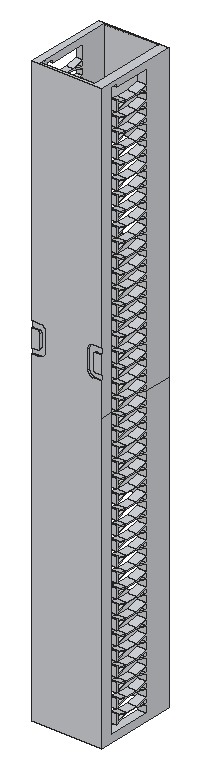
Revit family
Parameters
  Material ID = "760072884\r\n"
  Description = "Vertical Cable Management Kit, 10in X 84in (254mm X 2134mm) Single Sided, With Door, Silver"
Reference planes (in)
  plane 1 "Center (Front/Back)": y = 0
  plane 2: z = 0
  plane 3 "Center (Left/Right)": x = 0
Forms (in)
  Extrusion 1, void, not visible
    sketch origin (0, 0, 0) x (1, 0, 0) y (0, 0, 1)
      loop
        line (-7.85662, 0.48089) -> (-7.85662, -0.39002) -> (-7.67285, -0.39002) -> (-7.67285, -0.64002) -> (-7.0736, -0.64002) -> (-7.0736, -0.39002) -> (-6.92978, -0.39002) -> (-6.92978, 0.48089) -> (-7.85662, 0.48089)
    from -3.79215 to 12
  Extrusion 2, void, not visible
    sketch origin (0, 0, 0) x (1, 0, 0) y (0, 0, 1)
      loop
        line (-8.21397, 0.42583) -> (-8.21397, -0.07417) -> (-8.08657, -0.07417) -> (-8.08657, -0.27417) -> (-7.83657, -0.27417) -> (-7.83657, -0.07417) -> (-7.72497, -0.07417) -> (-7.72497, 0.42583) -> (-8.21397, 0.42583)
    from 0.74059 to 3.34334
  Extrusion 3, solid
    sketch origin (0, 0, 0) x (1, 0, 0) y (0, 0, 1)
      loop
        line (7, 42) -> (-3, 42) -> (-3, -42) -> (7, -42) -> (7, 0) -> (7, 42)
    from 11.281 to -0.549
  Extrusion 4, void
    sketch origin (0, 0, 0) x (1, 0, 0) y (0, 0, 1)
      loop
        line (-3, 9.00056) -> (-3, 8.06684) -> (-2.1, 8.06684)
        arc (-2.1, 8.06684) -> (-1.88787, 7.97898) -> (-1.8, 7.76684) r 0.3
        line (-1.8, 7.76684) -> (-1.8, 5.85056)
        arc (-1.8, 5.85056) -> (-1.88787, 5.63843) -> (-2.1, 5.55056) r 0.3
        line (-2.1, 5.55056) -> (-3, 5.55056) -> (-3, 4.75056) -> (-1.8, 4.75056)
        arc (-1.8, 4.75056) -> (-1.23431, 4.98488) -> (-1, 5.55056) r 0.8
        line (-1, 5.55056) -> (-1, 8.20056)
        arc (-1, 8.20056) -> (-1.23431, 8.76625) -> (-1.8, 9.00056) r 0.8
        line (-1.8, 9.00056) -> (-3, 9.00056)
      loop
        line (7, 9.00056) -> (5.8, 9.00056)
        arc (5.8, 9.00056) -> (5.23431, 8.76625) -> (5, 8.20056) r 0.8
        line (5, 8.20056) -> (5, 5.55056)
        arc (5, 5.55056) -> (5.23431, 4.98488) -> (5.8, 4.75056) r 0.8
        line (5.8, 4.75056) -> (7, 4.75056) -> (7, 5.55056) -> (6.1, 5.55056)
        arc (6.1, 5.55056) -> (5.88787, 5.63843) -> (5.8, 5.85056) r 0.3
        line (5.8, 5.85056) -> (5.8, 7.76684)
        arc (5.8, 7.76684) -> (5.88787, 7.97898) -> (6.1, 8.06684) r 0.3
        line (6.1, 8.06684) -> (7, 8.06684) -> (7, 9.00056)
    from 11.08569 to 11.281
  Extrusion 5, void
    sketch origin (0, 0, 0) x (1, 0, 0) y (0, 1, 0)
      loop
        line (5.70983, 0.3385) -> (-2.04017, 0.3385) -> (-2.04017, -10.9115) -> (5.70983, -10.9115) -> (5.70983, 0.3385)
    from -57.1272 to 54.97812
  Extrusion 6, void
    sketch origin (0, 0, 0) x (0, 1, 0) y (0, 0, 1)
      loop
        line (-3.37841, 39.06909) -> (-3.37841, 41.06909) -> (-8.50915, 41.06909) -> (-8.50915, 39.06909) -> (-6.81878, 38.61615) -> (-5.06878, 38.61615) -> (-3.37841, 39.06909)
      loop
        line (-3.37841, 38.06909) -> (-5.06878, 38.52202) -> (-6.81878, 38.52202) -> (-8.50915, 38.06909) -> (-8.50915, 37.81909) -> (-8.50915, 37.06909) -> (-6.81878, 36.61615) -> (-5.06878, 36.61615) -> (-3.37841, 37.06909) -> (-3.37841, 37.81909) -> (-3.37841, 38.06909)
      loop
        line (-3.37841, 39.00985) -> (-4.9864, 38.57899) -> (-3.37841, 38.14813) -> (-3.37841, 39.00985)
      loop
        line (-8.50915, 39.00985) -> (-8.50915, 38.14813) -> (-6.90115, 38.57899) -> (-8.50915, 39.00985)
      loop
        line (-3.37841, 36.06909) -> (-5.06878, 36.52202) -> (-6.81878, 36.52202) -> (-8.50915, 36.06909) -> (-8.50915, 35.06909) -> (-6.81878, 34.61615) -> (-5.06878, 34.61615) -> (-3.37841, 35.06909) -> (-3.37841, 36.06909)
      loop
        line (-3.37841, 37.00985) -> (-4.9864, 36.57899) -> (-3.37841, 36.14813) -> (-3.37841, 37.00985)
      loop
        line (-8.50915, 37.00985) -> (-8.50915, 36.14813) -> (-6.90115, 36.57899) -> (-8.50915, 37.00985)
      loop
        line (-3.37841, 34.06909) -> (-5.06878, 34.52202) -> (-6.81878, 34.52202) -> (-8.50915, 34.06909) -> (-8.50915, 33.06909) -> (-6.81878, 32.61615) -> (-5.06878, 32.61615) -> (-3.37841, 33.06909) -> (-3.37841, 34.06909)
      loop
        line (-3.37841, 35.00985) -> (-4.9864, 34.57899) -> (-3.37841, 34.14813) -> (-3.37841, 35.00985)
      loop
        line (-8.50915, 35.00985) -> (-8.50915, 34.14813) -> (-6.90115, 34.57899) -> (-8.50915, 35.00985)
      loop
        line (-3.37841, 32.06909) -> (-5.06878, 32.52202) -> (-6.81878, 32.52202) -> (-8.50915, 32.06909) -> (-8.50915, 31.06909) -> (-6.81878, 30.61615) -> (-5.06878, 30.61615) -> (-3.37841, 31.06909) -> (-3.37841, 32.06909)
      loop
        line (-3.37841, 33.00985) -> (-4.9864, 32.57899) -> (-3.37841, 32.14813) -> (-3.37841, 33.00985)
      loop
        line (-8.50915, 33.00985) -> (-8.50915, 32.14813) -> (-6.90115, 32.57899) -> (-8.50915, 33.00985)
      loop
        line (-3.37841, 30.06909) -> (-5.06878, 30.52202) -> (-6.81878, 30.52202) -> (-8.50915, 30.06909) -> (-8.50915, 29.06909) -> (-6.81878, 28.61615) -> (-5.06878, 28.61615) -> (-3.37841, 29.06909) -> (-3.37841, 30.06909)
      loop
        line (-3.37841, 31.00985) -> (-4.9864, 30.57899) -> (-3.37841, 30.14813) -> (-3.37841, 31.00985)
      loop
        line (-8.50915, 31.00985) -> (-8.50915, 30.14813) -> (-6.90115, 30.57899) -> (-8.50915, 31.00985)
      loop
        line (-3.37841, 28.06909) -> (-5.06878, 28.52202) -> (-6.81878, 28.52202) -> (-8.50915, 28.06909) -> (-8.50915, 27.06909) -> (-6.81878, 26.61615) -> (-5.06878, 26.61615) -> (-3.37841, 27.06909) -> (-3.37841, 28.06909)
      loop
        line (-3.37841, 29.00985) -> (-4.9864, 28.57899) -> (-3.37841, 28.14813) -> (-3.37841, 29.00985)
      loop
        line (-8.50915, 29.00985) -> (-8.50915, 28.14813) -> (-6.90115, 28.57899) -> (-8.50915, 29.00985)
      loop
        line (-3.37841, 26.06909) -> (-5.06878, 26.52202) -> (-6.81878, 26.52202) -> (-8.50915, 26.06909) -> (-8.50915, 25.06909) -> (-6.81878, 24.61615) -> (-5.06878, 24.61615) -> (-3.37841, 25.06909) -> (-3.37841, 26.06909)
      loop
        line (-3.37841, 27.00985) -> (-4.9864, 26.57899) -> (-3.37841, 26.14813) -> (-3.37841, 27.00985)
      loop
        line (-8.50915, 27.00985) -> (-8.50915, 26.14813) -> (-6.90115, 26.57899) -> (-8.50915, 27.00985)
      loop
        line (-3.37841, 24.06909) -> (-5.06878, 24.52202) -> (-6.81878, 24.52202) -> (-8.50915, 24.06909) -> (-8.50915, 23.06909) -> (-6.81878, 22.61615) -> (-5.06878, 22.61615) -> (-3.37841, 23.06909) -> (-3.37841, 24.06909)
      loop
        line (-3.37841, 25.00985) -> (-4.9864, 24.57899) -> (-3.37841, 24.14813) -> (-3.37841, 25.00985)
      loop
        line (-8.50915, 25.00985) -> (-8.50915, 24.14813) -> (-6.90115, 24.57899) -> (-8.50915, 25.00985)
      loop
        line (-3.37841, 22.06909) -> (-5.06878, 22.52202) -> (-6.81878, 22.52202) -> (-8.50915, 22.06909) -> (-8.50915, 21.06909) -> (-6.81878, 20.61615) -> (-5.06878, 20.61615) -> (-3.37841, 21.06909) -> (-3.37841, 22.06909)
      loop
        line (-3.37841, 23.00985) -> (-4.9864, 22.57899) -> (-3.37841, 22.14813) -> (-3.37841, 23.00985)
      loop
        line (-8.50915, 23.00985) -> (-8.50915, 22.14813) -> (-6.90115, 22.57899) -> (-8.50915, 23.00985)
      loop
        line (-3.37841, 20.06909) -> (-5.06878, 20.52202) -> (-6.81878, 20.52202) -> (-8.50915, 20.06909) -> (-8.50915, 19.06909) -> (-6.81878, 18.61615) -> (-5.06878, 18.61615) -> (-3.37841, 19.06909) -> (-3.37841, 20.06909)
      loop
        line (-3.37841, 21.00985) -> (-4.9864, 20.57899) -> (-3.37841, 20.14813) -> (-3.37841, 21.00985)
      loop
        line (-8.50915, 21.00985) -> (-8.50915, 20.14813) -> (-6.90115, 20.57899) -> (-8.50915, 21.00985)
      loop
        line (-3.37841, 18.06909) -> (-5.06878, 18.52202) -> (-6.81878, 18.52202) -> (-8.50915, 18.06909) -> (-8.50915, 17.06909) -> (-6.81878, 16.61615) -> (-5.06878, 16.61615) -> (-3.37841, 17.06909) -> (-3.37841, 18.06909)
      loop
        line (-3.37841, 19.00985) -> (-4.9864, 18.57899) -> (-3.37841, 18.14813) -> (-3.37841, 19.00985)
      loop
        line (-8.50915, 19.00985) -> (-8.50915, 18.14813) -> (-6.90115, 18.57899) -> (-8.50915, 19.00985)
      loop
        line (-3.37841, 16.06909) -> (-5.06878, 16.52202) -> (-6.81878, 16.52202) -> (-8.50915, 16.06909) -> (-8.50915, 15.06909) -> (-6.81878, 14.61615) -> (-5.06878, 14.61615) -> (-3.37841, 15.06909) -> (-3.37841, 16.06909)
      loop
        line (-3.37841, 17.00985) -> (-4.9864, 16.57899) -> (-3.37841, 16.14813) -> (-3.37841, 17.00985)
      loop
        line (-8.50915, 17.00985) -> (-8.50915, 16.14813) -> (-6.90115, 16.57899) -> (-8.50915, 17.00985)
      loop
        line (-3.37841, 14.06909) -> (-5.06878, 14.52202) -> (-6.81878, 14.52202) -> (-8.50915, 14.06909) -> (-8.50915, 13.06909) -> (-6.81878, 12.61615) -> (-5.06878, 12.61615) -> (-3.37841, 13.06909) -> (-3.37841, 14.06909)
      loop
        line (-3.37841, 15.00985) -> (-4.9864, 14.57899) -> (-3.37841, 14.14813) -> (-3.37841, 15.00985)
      loop
        line (-8.50915, 15.00985) -> (-8.50915, 14.14813) -> (-6.90115, 14.57899) -> (-8.50915, 15.00985)
      loop
        line (-3.37841, 12.06909) -> (-5.06878, 12.52202) -> (-6.81878, 12.52202) -> (-8.50915, 12.06909) -> (-8.50915, 11.06909) -> (-6.81878, 10.61615) -> (-5.06878, 10.61615) -> (-3.37841, 11.06909) -> (-3.37841, 12.06909)
      loop
        line (-3.37841, 13.00985) -> (-4.9864, 12.57899) -> (-3.37841, 12.14813) -> (-3.37841, 13.00985)
      loop
        line (-8.50915, 13.00985) -> (-8.50915, 12.14813) -> (-6.90115, 12.57899) -> (-8.50915, 13.00985)
      loop
        line (-3.37841, 10.06909) -> (-5.06878, 10.52202) -> (-6.81878, 10.52202) -> (-8.50915, 10.06909) -> (-8.50915, 9.06909) -> (-6.81878, 8.61615) -> (-5.06878, 8.61615) -> (-3.37841, 9.06909) -> (-3.37841, 10.06909)
      loop
        line (-3.37841, 11.00985) -> (-4.9864, 10.57899) -> (-3.37841, 10.14813) -> (-3.37841, 11.00985)
      loop
        line (-8.50915, 11.00985) -> (-8.50915, 10.14813) -> (-6.90115, 10.57899) -> (-8.50915, 11.00985)
      loop
        line (-3.37841, 8.06909) -> (-5.06878, 8.52202) -> (-6.81878, 8.52202) -> (-8.50915, 8.06909) -> (-8.50915, 7.06909) -> (-6.81878, 6.61615) -> (-5.06878, 6.61615) -> (-3.37841, 7.06909) -> (-3.37841, 8.06909)
      loop
        line (-3.37841, 9.00985) -> (-4.9864, 8.57899) -> (-3.37841, 8.14813) -> (-3.37841, 9.00985)
      loop
        line (-8.50915, 9.00985) -> (-8.50915, 8.14813) -> (-6.90115, 8.57899) -> (-8.50915, 9.00985)
      loop
        line (-3.37841, 6.06909) -> (-5.06878, 6.52202) -> (-6.81878, 6.52202) -> (-8.50915, 6.06909) -> (-8.50915, 5.06909) -> (-6.81878, 4.61615) -> (-5.06878, 4.61615) -> (-3.37841, 5.06909) -> (-3.37841, 6.06909)
      loop
        line (-3.37841, 7.00985) -> (-4.9864, 6.57899) -> (-3.37841, 6.14813) -> (-3.37841, 7.00985)
      loop
        line (-8.50915, 7.00985) -> (-8.50915, 6.14813) -> (-6.90115, 6.57899) -> (-8.50915, 7.00985)
      loop
        line (-3.37841, 4.06909) -> (-5.06878, 4.52202) -> (-6.81878, 4.52202) -> (-8.50915, 4.06909) -> (-8.50915, 3.06909) -> (-6.81878, 2.61615) -> (-5.06878, 2.61615) -> (-3.37841, 3.06909) -> (-3.37841, 4.06909)
      loop
        line (-3.37841, 5.00985) -> (-4.9864, 4.57899) -> (-3.37841, 4.14813) -> (-3.37841, 5.00985)
      loop
        line (-8.50915, 5.00985) -> (-8.50915, 4.14813) -> (-6.90115, 4.57899) -> (-8.50915, 5.00985)
      loop
        line (-3.37841, 2.06909) -> (-5.06878, 2.52202) -> (-6.81878, 2.52202) -> (-8.50915, 2.06909) -> (-8.50915, 1.06909) -> (-6.81878, 0.61615) -> (-5.06878, 0.61615) -> (-3.37841, 1.06909) -> (-3.37841, 2.06909)
      loop
        line (-3.37841, 3.00985) -> (-4.9864, 2.57899) -> (-3.37841, 2.14813) -> (-3.37841, 3.00985)
      loop
        line (-8.50915, 3.00985) -> (-8.50915, 2.14813) -> (-6.90115, 2.57899) -> (-8.50915, 3.00985)
      loop
        line (-3.37841, 0.06909) -> (-5.06878, 0.52202) -> (-6.81878, 0.52202) -> (-8.50915, 0.06909) -> (-8.50915, -0.93091) -> (-6.81878, -1.38385) -> (-5.06878, -1.38385) -> (-3.37841, -0.93091) -> (-3.37841, 0.06909)
      loop
        line (-3.37841, 1.00985) -> (-4.9864, 0.57899) -> (-3.37841, 0.14813) -> (-3.37841, 1.00985)
      loop
        line (-8.50915, 1.00985) -> (-8.50915, 0.14813) -> (-6.90115, 0.57899) -> (-8.50915, 1.00985)
      loop
        line (-3.37841, -1.93091) -> (-5.06878, -1.47798) -> (-6.81878, -1.47798) -> (-8.50915, -1.93091) -> (-8.50915, -2.93091) -> (-6.81878, -3.38385) -> (-5.06878, -3.38385) -> (-3.37841, -2.93091) -> (-3.37841, -1.93091)
      loop
        line (-3.37841, -0.99015) -> (-4.9864, -1.42101) -> (-3.37841, -1.85187) -> (-3.37841, -0.99015)
      loop
        line (-8.50915, -0.99015) -> (-8.50915, -1.85187) -> (-6.90115, -1.42101) -> (-8.50915, -0.99015)
      loop
        line (-3.37841, -3.93091) -> (-5.06878, -3.47798) -> (-6.81878, -3.47798) -> (-8.50915, -3.93091) -> (-8.50915, -4.93091) -> (-6.81878, -5.38385) -> (-5.06878, -5.38385) -> (-3.37841, -4.93091) -> (-3.37841, -3.93091)
      loop
        line (-3.37841, -2.99015) -> (-4.9864, -3.42101) -> (-3.37841, -3.85187) -> (-3.37841, -2.99015)
      loop
        line (-8.50915, -2.99015) -> (-8.50915, -3.85187) -> (-6.90115, -3.42101) -> (-8.50915, -2.99015)
      loop
        line (-3.37841, -5.93091) -> (-5.06878, -5.47798) -> (-6.81878, -5.47798) -> (-8.50915, -5.93091) -> (-8.50915, -6.93091) -> (-6.81878, -7.38385) -> (-5.06878, -7.38385) -> (-3.37841, -6.93091) -> (-3.37841, -5.93091)
      loop
        line (-3.37841, -4.99015) -> (-4.9864, -5.42101) -> (-3.37841, -5.85187) -> (-3.37841, -4.99015)
      loop
        line (-8.50915, -4.99015) -> (-8.50915, -5.85187) -> (-6.90115, -5.42101) -> (-8.50915, -4.99015)
      loop
        line (-3.37841, -7.93091) -> (-5.06878, -7.47798) -> (-6.81878, -7.47798) -> (-8.50915, -7.93091) -> (-8.50915, -8.93091) -> (-6.81878, -9.38385) -> (-5.06878, -9.38385) -> (-3.37841, -8.93091) -> (-3.37841, -7.93091)
      loop
        line (-3.37841, -6.99015) -> (-4.9864, -7.42101) -> (-3.37841, -7.85187) -> (-3.37841, -6.99015)
      loop
        line (-8.50915, -6.99015) -> (-8.50915, -7.85187) -> (-6.90115, -7.42101) -> (-8.50915, -6.99015)
      loop
        line (-3.37841, -9.93091) -> (-5.06878, -9.47798) -> (-6.81878, -9.47798) -> (-8.50915, -9.93091) -> (-8.50915, -10.93091) -> (-6.81878, -11.38385) -> (-5.06878, -11.38385) -> (-3.37841, -10.93091) -> (-3.37841, -9.93091)
      loop
        line (-3.37841, -8.99015) -> (-4.9864, -9.42101) -> (-3.37841, -9.85187) -> (-3.37841, -8.99015)
      loop
        line (-8.50915, -8.99015) -> (-8.50915, -9.85187) -> (-6.90115, -9.42101) -> (-8.50915, -8.99015)
      loop
        line (-3.37841, -11.93091) -> (-5.06878, -11.47798) -> (-6.81878, -11.47798) -> (-8.50915, -11.93091) -> (-8.50915, -12.93091) -> (-6.81878, -13.38385) -> (-5.06878, -13.38385) -> (-3.37841, -12.93091) -> (-3.37841, -11.93091)
      loop
        line (-3.37841, -10.99015) -> (-4.9864, -11.42101) -> (-3.37841, -11.85187) -> (-3.37841, -10.99015)
      loop
        line (-8.50915, -10.99015) -> (-8.50915, -11.85187) -> (-6.90115, -11.42101) -> (-8.50915, -10.99015)
      loop
        line (-3.37841, -13.93091) -> (-5.06878, -13.47798) -> (-6.81878, -13.47798) -> (-8.50915, -13.93091) -> (-8.50915, -14.93091) -> (-6.81878, -15.38385) -> (-5.06878, -15.38385) -> (-3.37841, -14.93091) -> (-3.37841, -13.93091)
      loop
        line (-3.37841, -12.99015) -> (-4.9864, -13.42101) -> (-3.37841, -13.85187) -> (-3.37841, -12.99015)
      loop
        line (-8.50915, -12.99015) -> (-8.50915, -13.85187) -> (-6.90115, -13.42101) -> (-8.50915, -12.99015)
      loop
        line (-3.37841, -15.93091) -> (-5.06878, -15.47798) -> (-6.81878, -15.47798) -> (-8.50915, -15.93091) -> (-8.50915, -16.93091) -> (-6.81878, -17.38385) -> (-5.06878, -17.38385) -> (-3.37841, -16.93091) -> (-3.37841, -15.93091)
      loop
        line (-3.37841, -14.99015) -> (-4.9864, -15.42101) -> (-3.37841, -15.85187) -> (-3.37841, -14.99015)
      loop
        line (-8.50915, -14.99015) -> (-8.50915, -15.85187) -> (-6.90115, -15.42101) -> (-8.50915, -14.99015)
      loop
        line (-3.37841, -17.93091) -> (-5.06878, -17.47798) -> (-6.81878, -17.47798) -> (-8.50915, -17.93091) -> (-8.50915, -18.93091) -> (-6.81878, -19.38385) -> (-5.06878, -19.38385) -> (-3.37841, -18.93091) -> (-3.37841, -17.93091)
      loop
        line (-3.37841, -16.99015) -> (-4.9864, -17.42101) -> (-3.37841, -17.85187) -> (-3.37841, -16.99015)
      loop
        line (-8.50915, -16.99015) -> (-8.50915, -17.85187) -> (-6.90115, -17.42101) -> (-8.50915, -16.99015)
      loop
        line (-3.37841, -19.93091) -> (-5.06878, -19.47798) -> (-6.81878, -19.47798) -> (-8.50915, -19.93091) -> (-8.50915, -20.93091) -> (-6.81878, -21.38385) -> (-5.06878, -21.38385) -> (-3.37841, -20.93091) -> (-3.37841, -19.93091)
      loop
        line (-3.37841, -18.99015) -> (-4.9864, -19.42101) -> (-3.37841, -19.85187) -> (-3.37841, -18.99015)
      loop
        line (-8.50915, -18.99015) -> (-8.50915, -19.85187) -> (-6.90115, -19.42101) -> (-8.50915, -18.99015)
      loop
        line (-3.37841, -21.93091) -> (-5.06878, -21.47798) -> (-6.81878, -21.47798) -> (-8.50915, -21.93091) -> (-8.50915, -22.93091) -> (-6.81878, -23.38385) -> (-5.06878, -23.38385) -> (-3.37841, -22.93091) -> (-3.37841, -21.93091)
      loop
        line (-3.37841, -20.99015) -> (-4.9864, -21.42101) -> (-3.37841, -21.85187) -> (-3.37841, -20.99015)
      loop
        line (-8.50915, -20.99015) -> (-8.50915, -21.85187) -> (-6.90115, -21.42101) -> (-8.50915, -20.99015)
      loop
        line (-3.37841, -23.93091) -> (-5.06878, -23.47798) -> (-6.81878, -23.47798) -> (-8.50915, -23.93091) -> (-8.50915, -24.93091) -> (-6.81878, -25.38385) -> (-5.06878, -25.38385) -> (-3.37841, -24.93091) -> (-3.37841, -23.93091)
      loop
        line (-3.37841, -22.99015) -> (-4.9864, -23.42101) -> (-3.37841, -23.85187) -> (-3.37841, -22.99015)
      loop
        line (-8.50915, -22.99015) -> (-8.50915, -23.85187) -> (-6.90115, -23.42101) -> (-8.50915, -22.99015)
      loop
        line (-3.37841, -25.93091) -> (-5.06878, -25.47798) -> (-6.81878, -25.47798) -> (-8.50915, -25.93091) -> (-8.50915, -26.93091) -> (-6.81878, -27.38385) -> (-5.06878, -27.38385) -> (-3.37841, -26.93091) -> (-3.37841, -25.93091)
      loop
        line (-3.37841, -24.99015) -> (-4.9864, -25.42101) -> (-3.37841, -25.85187) -> (-3.37841, -24.99015)
      loop
        line (-8.50915, -24.99015) -> (-8.50915, -25.85187) -> (-6.90115, -25.42101) -> (-8.50915, -24.99015)
      loop
        line (-3.37841, -27.93091) -> (-5.06878, -27.47798) -> (-6.81878, -27.47798) -> (-8.50915, -27.93091) -> (-8.50915, -28.93091) -> (-6.81878, -29.38385) -> (-5.06878, -29.38385) -> (-3.37841, -28.93091) -> (-3.37841, -27.93091)
      loop
        line (-3.37841, -26.99015) -> (-4.9864, -27.42101) -> (-3.37841, -27.85187) -> (-3.37841, -26.99015)
      loop
        line (-8.50915, -26.99015) -> (-8.50915, -27.85187) -> (-6.90115, -27.42101) -> (-8.50915, -26.99015)
      loop
        line (-3.37841, -29.93091) -> (-5.06878, -29.47798) -> (-6.81878, -29.47798) -> (-8.50915, -29.93091) -> (-8.50915, -30.93091) -> (-6.81878, -31.38385) -> (-5.06878, -31.38385) -> (-3.37841, -30.93091) -> (-3.37841, -29.93091)
      loop
        line (-3.37841, -28.99015) -> (-4.9864, -29.42101) -> (-3.37841, -29.85187) -> (-3.37841, -28.99015)
      loop
        line (-8.50915, -28.99015) -> (-8.50915, -29.85187) -> (-6.90115, -29.42101) -> (-8.50915, -28.99015)
      loop
        line (-3.37841, -31.93091) -> (-5.06878, -31.47798) -> (-6.81878, -31.47798) -> (-8.50915, -31.93091) -> (-8.50915, -32.93091) -> (-6.81878, -33.38385) -> (-5.06878, -33.38385) -> (-3.37841, -32.93091) -> (-3.37841, -31.93091)
      loop
        line (-3.37841, -30.99015) -> (-4.9864, -31.42101) -> (-3.37841, -31.85187) -> (-3.37841, -30.99015)
      loop
        line (-8.50915, -30.99015) -> (-8.50915, -31.85187) -> (-6.90115, -31.42101) -> (-8.50915, -30.99015)
      loop
        line (-3.37841, -33.93091) -> (-5.06878, -33.47798) -> (-6.81878, -33.47798) -> (-8.50915, -33.93091) -> (-8.50915, -34.93091) -> (-6.81878, -35.38385) -> (-5.06878, -35.38385) -> (-3.37841, -34.93091) -> (-3.37841, -33.93091)
      loop
        line (-3.37841, -32.99015) -> (-4.9864, -33.42101) -> (-3.37841, -33.85187) -> (-3.37841, -32.99015)
      loop
        line (-8.50915, -32.99015) -> (-8.50915, -33.85187) -> (-6.90115, -33.42101) -> (-8.50915, -32.99015)
      loop
        line (-3.37841, -35.93091) -> (-5.06878, -35.47798) -> (-6.81878, -35.47798) -> (-8.50915, -35.93091) -> (-8.50915, -36.93091) -> (-6.81878, -37.38385) -> (-5.06878, -37.38385) -> (-3.37841, -36.93091) -> (-3.37841, -35.93091)
      loop
        line (-3.37841, -34.99015) -> (-4.9864, -35.42101) -> (-3.37841, -35.85187) -> (-3.37841, -34.99015)
      loop
        line (-8.50915, -34.99015) -> (-8.50915, -35.85187) -> (-6.90115, -35.42101) -> (-8.50915, -34.99015)
      loop
        line (-3.37841, -37.93091) -> (-5.06878, -37.47798) -> (-6.81878, -37.47798) -> (-8.50915, -37.93091) -> (-8.50915, -38.93091) -> (-6.81878, -39.38385) -> (-5.06878, -39.38385) -> (-3.37841, -38.93091) -> (-3.37841, -37.93091)
      loop
        line (-3.37841, -36.99015) -> (-4.9864, -37.42101) -> (-3.37841, -37.85187) -> (-3.37841, -36.99015)
      loop
        line (-8.50915, -36.99015) -> (-8.50915, -37.85187) -> (-6.90115, -37.42101) -> (-8.50915, -36.99015)
      loop
        line (-3.37841, -40.99798) -> (-3.37841, -39.93091) -> (-5.06878, -39.47798) -> (-6.81878, -39.47798) -> (-8.50915, -39.93091) -> (-8.50915, -40.99798) -> (-3.37841, -40.99798)
      loop
        line (-3.37841, -38.99015) -> (-4.9864, -39.42101) -> (-3.37841, -39.85187) -> (-3.37841, -38.99015)
      loop
        line (-8.50915, -38.99015) -> (-8.50915, -39.85187) -> (-6.90115, -39.42101) -> (-8.50915, -38.99015)
    from -16.16264 to 12
  Extrusion 7, void
    sketch origin (0, 0, 0) x (0, 1, 0) y (0, 0, 1)
      loop
        line (-9.74802, 41.47806) -> (-9.74802, -41) -> (-8.75915, -41) -> (-8.75915, 41.47806) -> (-9.74802, 41.47806)
    from -16.48531 to 12
  Extrusion 8, void
    sketch origin (0, 0, 0) x (1, 0, 0) y (0, 0, 1)
      loop
        line (5.49935, 28.88043) -> (-1.75065, 28.88043) -> (-1.75065, 16.13043) -> (5.49935, 16.13043) -> (5.49935, 28.88043)
      loop
        line (5.49935, -28.88043) -> (5.49935, -16.13043) -> (-1.75065, -16.13043) -> (-1.75065, -28.88043) -> (5.49935, -28.88043)
    from -9.86946 to 1.00595
  Extrusion 9, void
    sketch origin (7, 0, 42) x (0, 0, 1) y (0, 1, 0)
      loop
        line (-0.93091, -7.22337) -> (-2.68091, -7.22337) -> (-2.68091, -9.22337) -> (-0.93091, -9.22337) -> (-0.93091, -7.22337)
      loop
        line (-4.08537, -9.05786) -> (-4.08537, -8.05786) -> (-4.76237, -8.05786) -> (-4.76237, -9.05786) -> (-4.08537, -9.05786)
      loop
        line (-6.08537, -9.05786) -> (-6.08537, -8.05786) -> (-6.76237, -8.05786) -> (-6.76237, -9.05786) -> (-6.08537, -9.05786)
      loop
        line (-8.08537, -9.05786) -> (-8.08537, -8.05786) -> (-8.76237, -8.05786) -> (-8.76237, -9.05786) -> (-8.08537, -9.05786)
      loop
        line (-10.08537, -9.05786) -> (-10.08537, -8.05786) -> (-10.76237, -8.05786) -> (-10.76237, -9.05786) -> (-10.08537, -9.05786)
      loop
        line (-12.08537, -9.05786) -> (-12.08537, -8.05786) -> (-12.76237, -8.05786) -> (-12.76237, -9.05786) -> (-12.08537, -9.05786)
      loop
        line (-14.08537, -9.05786) -> (-14.08537, -8.05786) -> (-14.76237, -8.05786) -> (-14.76237, -9.05786) -> (-14.08537, -9.05786)
      loop
        line (-16.08537, -9.05786) -> (-16.08537, -8.05786) -> (-16.76237, -8.05786) -> (-16.76237, -9.05786) -> (-16.08537, -9.05786)
      loop
        line (-18.08537, -9.05786) -> (-18.08537, -8.05786) -> (-18.76237, -8.05786) -> (-18.76237, -9.05786) -> (-18.08537, -9.05786)
      loop
        line (-20.08537, -9.05786) -> (-20.08537, -8.05786) -> (-20.76237, -8.05786) -> (-20.76237, -9.05786) -> (-20.08537, -9.05786)
      loop
        line (-22.08537, -9.05786) -> (-22.08537, -8.05786) -> (-22.76237, -8.05786) -> (-22.76237, -9.05786) -> (-22.08537, -9.05786)
      loop
        line (-24.08537, -9.05786) -> (-24.08537, -8.05786) -> (-24.76237, -8.05786) -> (-24.76237, -9.05786) -> (-24.08537, -9.05786)
      loop
        line (-26.08537, -9.05786) -> (-26.08537, -8.05786) -> (-26.76237, -8.05786) -> (-26.76237, -9.05786) -> (-26.08537, -9.05786)
      loop
        line (-28.08537, -9.05786) -> (-28.08537, -8.05786) -> (-28.76237, -8.05786) -> (-28.76237, -9.05786) -> (-28.08537, -9.05786)
      loop
        line (-30.08537, -9.05786) -> (-30.08537, -8.05786) -> (-30.76237, -8.05786) -> (-30.76237, -9.05786) -> (-30.08537, -9.05786)
      loop
        line (-32.08537, -9.05786) -> (-32.08537, -8.05786) -> (-32.76237, -8.05786) -> (-32.76237, -9.05786) -> (-32.08537, -9.05786)
      loop
        line (-34.08537, -9.05786) -> (-34.08537, -8.05786) -> (-34.76237, -8.05786) -> (-34.76237, -9.05786) -> (-34.08537, -9.05786)
      loop
        line (-36.08537, -9.05786) -> (-36.08537, -8.05786) -> (-36.76237, -8.05786) -> (-36.76237, -9.05786) -> (-36.08537, -9.05786)
      loop
        line (-38.08537, -9.05786) -> (-38.08537, -8.05786) -> (-38.76237, -8.05786) -> (-38.76237, -9.05786) -> (-38.08537, -9.05786)
      loop
        line (-40.08537, -9.05786) -> (-40.08537, -8.05786) -> (-40.76237, -8.05786) -> (-40.76237, -9.05786) -> (-40.08537, -9.05786)
      loop
        line (-42.08537, -9.05786) -> (-42.08537, -8.05786) -> (-42.76237, -8.05786) -> (-42.76237, -9.05786) -> (-42.08537, -9.05786)
      loop
        line (-44.08537, -9.05786) -> (-44.08537, -8.05786) -> (-44.76237, -8.05786) -> (-44.76237, -9.05786) -> (-44.08537, -9.05786)
      loop
        line (-46.08537, -9.05786) -> (-46.08537, -8.05786) -> (-46.76237, -8.05786) -> (-46.76237, -9.05786) -> (-46.08537, -9.05786)
      loop
        line (-48.08537, -9.05786) -> (-48.08537, -8.05786) -> (-48.76237, -8.05786) -> (-48.76237, -9.05786) -> (-48.08537, -9.05786)
      loop
        line (-50.08537, -9.05786) -> (-50.08537, -8.05786) -> (-50.76237, -8.05786) -> (-50.76237, -9.05786) -> (-50.08537, -9.05786)
      loop
        line (-52.08537, -9.05786) -> (-52.08537, -8.05786) -> (-52.76237, -8.05786) -> (-52.76237, -9.05786) -> (-52.08537, -9.05786)
      loop
        line (-54.08537, -9.05786) -> (-54.08537, -8.05786) -> (-54.76237, -8.05786) -> (-54.76237, -9.05786) -> (-54.08537, -9.05786)
      loop
        line (-56.08537, -9.05786) -> (-56.08537, -8.05786) -> (-56.76237, -8.05786) -> (-56.76237, -9.05786) -> (-56.08537, -9.05786)
      loop
        line (-58.08537, -9.05786) -> (-58.08537, -8.05786) -> (-58.76237, -8.05786) -> (-58.76237, -9.05786) -> (-58.08537, -9.05786)
      loop
        line (-60.08537, -9.05786) -> (-60.08537, -8.05786) -> (-60.76237, -8.05786) -> (-60.76237, -9.05786) -> (-60.08537, -9.05786)
      loop
        line (-62.08537, -9.05786) -> (-62.08537, -8.05786) -> (-62.76237, -8.05786) -> (-62.76237, -9.05786) -> (-62.08537, -9.05786)
      loop
        line (-64.08537, -9.05786) -> (-64.08537, -8.05786) -> (-64.76237, -8.05786) -> (-64.76237, -9.05786) -> (-64.08537, -9.05786)
      loop
        line (-66.08537, -9.05786) -> (-66.08537, -8.05786) -> (-66.76237, -8.05786) -> (-66.76237, -9.05786) -> (-66.08537, -9.05786)
      loop
        line (-68.08537, -9.05786) -> (-68.08537, -8.05786) -> (-68.76237, -8.05786) -> (-68.76237, -9.05786) -> (-68.08537, -9.05786)
      loop
        line (-70.08537, -9.05786) -> (-70.08537, -8.05786) -> (-70.76237, -8.05786) -> (-70.76237, -9.05786) -> (-70.08537, -9.05786)
      loop
        line (-72.08537, -9.05786) -> (-72.08537, -8.05786) -> (-72.76237, -8.05786) -> (-72.76237, -9.05786) -> (-72.08537, -9.05786)
      loop
        line (-74.08537, -9.05786) -> (-74.08537, -8.05786) -> (-74.76237, -8.05786) -> (-74.76237, -9.05786) -> (-74.08537, -9.05786)
      loop
        line (-76.08537, -9.05786) -> (-76.08537, -8.05786) -> (-76.76237, -8.05786) -> (-76.76237, -9.05786) -> (-76.08537, -9.05786)
      loop
        line (-78.08537, -9.05786) -> (-78.08537, -8.05786) -> (-78.76237, -8.05786) -> (-78.76237, -9.05786) -> (-78.08537, -9.05786)
      loop
        line (-80.08537, -9.05786) -> (-80.08537, -8.05786) -> (-80.76237, -8.05786) -> (-80.76237, -9.05786) -> (-80.08537, -9.05786)
      loop
        line (-82.99798, -7.70129) -> (-82.99798, -9.20129) -> (-82.14251, -9.20129) -> (-82.14251, -7.70129) -> (-82.99798, -7.70129)
    from 0 to 12
Cuts and joins
  Extrusion 4, Extrusion 5, Extrusion 6, Extrusion 7, Extrusion 8, Extrusion 9 cuts Extrusion 3
